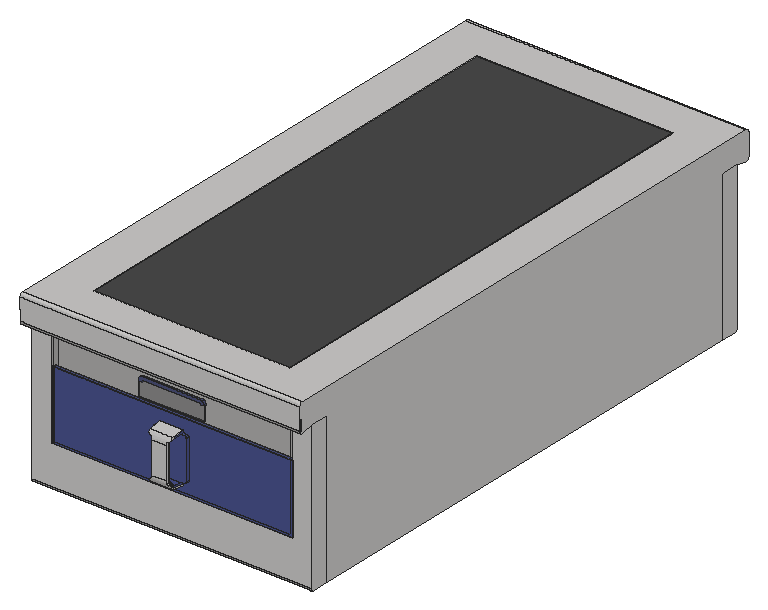
Revit family "QF_ELECTROLUXPROFESSIONAL_588014_MACBACDOAO", category Specialty Equipment, Revit 2018
Family settings
  Round Connector Dimension = Use Diameter
  Part Type = Normal
  Work Plane-Based = No
  Always vertical = Yes
  Cut with Voids When Loaded = No
  Shared = No
  Room Calculation Point = No
Parameters
  Weight in Pounds = 44.0925
  Watts = 8000 VA  # 8000 W
  Volts = 400 V  # constant formula
  URL Cutsheet = ""
  Type Mark [instance] = ""
  Status [instance] = ""
  Specification by User [instance] = ""
  Specification by Manufacturer = ""
  Serial Number = ""
  Seismic Rating = ""
  SMACNA No = ""
  Revision Code [instance] = ""
  Phase = 3  # constant formula
  Omniclass Number and Title = ""
  Number of Poles [instance] = 1
  NAFEM Spec ID Number = ""
  Model = "588014"
  Min Ckt Ampacity = 0 A
  Max Overcurrent Protection = 0 A
  Masterspec = ""
  Manufacturer = "ELECTROLUX"
  Item Number [instance] = ""
  Installed By [instance] = ""
  Identify Quantity as Lot [instance] = yes
  HP = "10.7 HP"
  Furnished By [instance] = ""
  Foodservice Equipment Identifier [instance] = yes
  FL Amps [instance] = if(Phase = 3, Watts / (Volts * 1.73), Watts / Volts)  # 11.5607 A
  Electrical Remarks = "400 V/3N ph/50/60 Hz"  # constant formula
  Electric Connection Type [instance] = ""
  Elec Conn RI Height [instance] = 0 mm
  Elec Conn Connection Height [instance] = 0 mm
  Direct Waste Size = 0"
  Description = "INFRARED TOP,2 ZONES,2-SIDE400X800X250H"
  Cycle [instance] = if([60 Hertz Option], 60 Hz, 50 Hz)  # 60 Hz
  Conn Plug = ""
  Conn Conduit = yes
  CSI MasterFormat = ""
  CSI Master Format = ""
  Apparent Power [instance] = if(Phase = 3, Volts * FL Amps * 1.73, Volts * FL Amps)  # 8000 VA
  60 Hertz Option [instance] = not([50 Hertz Option])  # yes
  500 Pass Though Panel = yes
  50 Hertz Option [instance] = no
Reference planes
  plane 1 "BACK": y = 0
  plane 2: z = 0
  plane 3 "LEFT": x = 0
  plane 4 "RIGHT": x = 400
  plane 5 "FRONT": y = -800
  plane 6 "TOP": z = 250
  plane 7: x = 200
  plane 8: y = -400
  plane 9: x = 355
Forms (mm)
  Extrusion 1, solid, material "QF_Finishes_Stainless Steel"
    sketch origin (0, -487.128, 0) x (0, 1, 0) y (0, 0, 1)
      loop
        line (483.128, 250) -> (-308.872, 250)
        arc (-308.872, 250) -> (-311.7, 248.828) -> (-312.872, 246) r 4
        line (-312.872, 246) -> (-312.872, 214)
        arc (-312.872, 214) -> (-311.443, 210.936) -> (-308.177, 210.061) r 4
        line (-308.177, 210.061) -> (-291.509, 213) -> (-266.872, 213) -> (-266.872, 0) -> (441.128, 0) -> (441.128, 213) -> (465.765, 213) -> (482.433, 210.061)
        arc (482.433, 210.061) -> (485.699, 210.936) -> (487.128, 214) r 4
        line (487.128, 214) -> (487.128, 246)
        arc (487.128, 246) -> (485.956, 248.828) -> (483.128, 250) r 4
    from 0 to 400
  Extrusion 2, void
    sketch origin (653.786, 44.048, 250) x (1, 0, 0) y (0, -1, 0)
      loop
        line (-593.786, 104.048) -> (-313.786, 104.048) -> (-313.786, 787.779) -> (-593.786, 787.779) -> (-593.786, 104.048)
    from 0 to 37
  Extrusion 3, solid, material "QF_Finishes_Stainless Steel"
    sketch origin (0, -754, 0) x (1, 0, 0) y (0, -1, 0)
      loop
        circle (355, -69) r 6.35
    from 0 to 3.2
  Extrusion 4, solid, material "QF_Finishes_Black"
    sketch origin (653.786, 44.048, 213) x (1, 0, 0) y (0, 1, 0)
      loop
        line (-593.786, -787.779) -> (-313.786, -787.779) -> (-313.786, -104.048) -> (-593.786, -104.048) -> (-593.786, -787.779)
    from 0 to 37
Cuts and joins
  Extrusion 2 cuts Extrusion 1
Lines and regions (mm)
  symbolic lines
    curve 1: line (0, 0, 0) -> (400, 0, 0)
    curve 2: line (0, -800, 0) -> (0, 0, 0)
    curve 3: line (400, -800, 0) -> (0, -800, 0)
    curve 4: line (400, 0, 0) -> (400, -800, 0)
    curve 5: line (340, -743.73, 0) -> (340, -60, 0)
    curve 6: line (340, -60, 0) -> (60, -60, 0)
    curve 7: line (60, -60, 0) -> (60, -743.73, 0)
    curve 8: line (60, -743.73, 0) -> (340, -743.73, 0)
    curve 9: line (183.892, -802.326, 0) -> (183.892, -800, 0)
    curve 10: spline (189.561, -803.73, 0) -> (189.082, -803.657, 0) -> (188.604, -803.575, 0) -> (188.127, -803.486, 0) -> (187.651, -803.389, 0) -> (187.177, -803.283, 0) -> (186.703, -803.17, 0) -> (186.231, -803.049, 0) -> (185.76, -802.92, 0) -> (185.29, -802.783, 0) -> (184.823, -802.638, 0) -> (184.357, -802.486, 0) -> (183.892, -802.326, 0)
    curve 11: line (216.108, -802.326, 0) -> (216.108, -800, 0)
    curve 12: spline (216.108, -802.326, 0) -> (215.643, -802.486, 0) -> (215.177, -802.638, 0) -> (214.71, -802.783, 0) -> (214.24, -802.92, 0) -> (213.769, -803.049, 0) -> (213.297, -803.17, 0) -> (212.823, -803.283, 0) -> (212.349, -803.389, 0) -> (211.873, -803.486, 0) -> (211.396, -803.575, 0) -> (210.918, -803.657, 0) -> (210.439, -803.73, 0)
    curve 13: line (189.561, -803.73, 0) -> (210.439, -803.73, 0)
    curve 14: line (183.892, 2.326, 0) -> (183.892, 0, 0)
    curve 15: spline (189.561, 3.73, 0) -> (189.082, 3.657, 0) -> (188.604, 3.575, 0) -> (188.127, 3.486, 0) -> (187.651, 3.389, 0) -> (187.177, 3.283, 0) -> (186.703, 3.17, 0) -> (186.231, 3.049, 0) -> (185.76, 2.92, 0) -> (185.29, 2.783, 0) -> (184.823, 2.638, 0) -> (184.357, 2.486, 0) -> (183.892, 2.326, 0)
    curve 16: line (216.108, 2.326, 0) -> (216.108, 0, 0)
    curve 17: spline (216.108, 2.326, 0) -> (215.643, 2.486, 0) -> (215.177, 2.638, 0) -> (214.71, 2.783, 0) -> (214.24, 2.92, 0) -> (213.769, 3.049, 0) -> (213.297, 3.17, 0) -> (212.823, 3.283, 0) -> (212.349, 3.389, 0) -> (211.873, 3.486, 0) -> (211.396, 3.575, 0) -> (210.918, 3.657, 0) -> (210.439, 3.73, 0)
    curve 18: line (189.561, 3.73, 0) -> (210.439, 3.73, 0)
Dimensions and locks
  plane 3 "LEFT" to plane 4 "RIGHT" = 400 mm
  plane 5 "FRONT" to plane 1 "BACK" = 800 mm
  equal spacing: plane 3 "LEFT", plane 7, plane 4 "RIGHT"
  equal spacing: plane 5 "FRONT", plane 8, plane 1 "BACK"
  plane 6 "TOP" to level = 250 mm  (x2)
  plane 1 "BACK" to plane 5 "FRONT" = 800 mm
  Extrusion 3 sketch curve to plane 1 "BACK" = 685 mm
  Extrusion 3 sketch curve to plane 4 "RIGHT" = 45 mm
  locked: plane 9 to plane 4 "RIGHT" at 45
  plane 1 "BACK" to Extrusion 3 = 685 mm
  aligned and locked: level to plane 2
  aligned and locked: cut or joined group of Extrusion 1, Extrusion 2 to plane 4 "RIGHT"
  aligned and locked: plane 7 to nested 1
Automatic sketch dimensions
  Extrusion 1 sketch curve to plane 5 "FRONT" = 0 mm
  Extrusion 1 sketch curve to plane 6 "TOP" = 0 mm
  Extrusion 1 sketch curve to level = 0 mm
  Extrusion 1 sketch curve to plane 1 "BACK" = 0 mm
  Extrusion 1 sketch curve to plane 6 "TOP" = 37 mm  (x2)
  Extrusion 1 sketch curve to plane 5 "FRONT" = 4 mm
  Extrusion 1 sketch curve to plane 5 "FRONT" = 21.363 mm
  Extrusion 1 sketch curve to plane 5 "FRONT" = 46 mm
  plane 1 "BACK" to Extrusion 1 sketch curve = 21.363 mm
  plane 1 "BACK" to Extrusion 1 sketch curve = 4 mm  (x2)
  Extrusion 1 sketch curve to Extrusion 1 sketch curve = 4 mm
  Extrusion 1 sketch curve to Extrusion 1 sketch curve = 0.695 mm
  Extrusion 1 sketch curve to Extrusion 1 sketch curve = 0 mm  (x4)
  plane 1 "BACK" to Extrusion 1 sketch curve = 4.695 mm
  Extrusion 1 sketch curve to Extrusion 1 sketch curve = 1 mm  (x2)
  plane 1 "BACK" to Extrusion 1 sketch curve = 46 mm
  Extrusion 1 to Extrusion 2 sketch curve = 60 mm  (x2)
  Extrusion 1 to Extrusion 2 sketch curve = 52.27 mm
  Extrusion 1 to Extrusion 2 sketch curve = 56 mm
  Extrusion 4 sketch curve to Extrusion 2 = 0 mm  (x3)
  Extrusion 2 to Extrusion 4 sketch curve = 0 mm
  curve 2 to plane 3 "LEFT" = 0 mm
  plane 1 "BACK" to curve 2 = 0 mm
  plane 3 "LEFT" to curve 7 = 60 mm
  curve 15 to plane 1 "BACK" = 2.326 mm
  curve 15 to plane 7 = 16.108 mm
  curve 9 to plane 7 = 16.108 mm
  curve 15 to plane 1 "BACK" = 3.73 mm
  curve 15 to curve 15 = 5.669 mm
  curve 13 to curve 9 = 5.669 mm
  curve 15 to curve 14 = 9.839 mm
  curve 10 to curve 10 = 4.17 mm
  curve 17 to plane 1 "BACK" = 4.032 mm
  curve 17 to curve 15 = 12.538 mm
  curve 12 to curve 10 = 12.538 mm
  curve 18 to curve 17 = 4.17 mm
  curve 12 to curve 12 = 4.17 mm
  curve 11 to curve 12 = 5.669 mm
  curve 16 to plane 1 "BACK" = 2.326 mm
  curve 16 to curve 17 = 5.669 mm
  plane 4 "RIGHT" to curve 5 = 60 mm
  curve 4 to curve 5 = 60 mm
  curve 15 to plane 1 "BACK" = 4.032 mm
  plane 1 "BACK" to curve 7 = 60 mm
  curve 5 to plane 5 "FRONT" = 56.27 mm
  curve 10 to curve 12 = 0 mm
  curve 12 to curve 11 = 39.101 mm
  curve 5 to curve 4 = 56.27 mm
  curve 11 to curve 12 = 2.326 mm
  curve 11 to curve 12 = 1.405 mm
  curve 9 to curve 13 = 1.405 mm
  radius of Extrusion 3 sketch curve = 6.35 mm
Nested families
  nested 1: "IDT_800_500 Panel Single Centered" at (200, -754, -651.71), visible <- "500 Pass Though Panel", type "IDT_800_500 Panel Single Centered"
  nested 2: "IDT_800_500 Panel Single Centered" at (200, -46, -651.71), visible <- "500 Pass Though Panel", type "IDT_800_500 Panel Single Centered"
Connectors
  electrical at (355, -685, -3.2), driven by "Volts", driven by "Watts"
    settings: on Extrusion 3, index 1, voltage 400 V, apparent load 8000 VA, apparent load phase1 0 VA, apparent load phase2 0 VA, apparent load phase3 0 VA, power factor 1, load classification "Other", number of poles 1, system type 30, power factor state 1, is connector primary yes, connector utility no, sub classification motor no, connector description "ELECTRICAL CONNECTION"
Definition of nested family "IDT_800_500 Panel Single Centered"
  Reference planes
    plane 1 "Center (Front/Back)": y = 0
    plane 2: z = 0
    plane 3 "Center (Left/Right)": x = 0
  Forms (mm)
    Extrusion 1, solid
      sketch origin (833.217, 829.203, -1.25) x (0, 1, 0) y (0, 0, 1)
        loop
          arc (-854.203, 655.96) -> (-853.324, 653.839) -> (-851.203, 652.96) r 3
          line (-851.203, 652.96) -> (-829.203, 652.96) -> (-829.203, 865.96) -> (-854.203, 865.96) -> (-854.203, 655.96)
      from -1033.217 to -633.217
    Extrusion 2, void
      sketch origin (33.217, 829.203, 0.636) x (1, 0, 0) y (0, 0, 1)
        loop
          line (-205.217, 852.364) -> (-205.217, 710.364) -> (138.783, 710.364) -> (138.783, 852.364) -> (-205.217, 852.364)
      from 843.409 to 854.203
  Cuts and joins
    Extrusion 2 cuts Extrusion 1
  Dimensions and locks
    cut or joined group of Extrusion 1, Extrusion 2 to cut or joined group of Extrusion 1, Extrusion 2 = 400 mm  (x2)
    equal spacing: cut or joined group of Extrusion 1, Extrusion 2, nested 1, cut or joined group of Extrusion 1, Extrusion 2
    cut or joined group of Extrusion 1, Extrusion 2 to cut or joined group of Extrusion 1, Extrusion 2 = 213 mm
    aligned and locked: cut or joined group of Extrusion 1, Extrusion 2 to nested 1
  Automatic sketch dimensions
    Extrusion 1 sketch curve to plane 1 "Center (Front/Back)" = 0 mm
    plane 1 "Center (Front/Back)" to Extrusion 1 sketch curve = 22 mm
    Extrusion 1 sketch curve to Extrusion 1 sketch curve = 3 mm
    level to Extrusion 1 sketch curve = 651.71 mm
    Extrusion 1 sketch curve to Extrusion 1 sketch curve = 210 mm
    Extrusion 2 sketch curve to plane 3 "Center (Left/Right)" = 172 mm
    plane 3 "Center (Left/Right)" to Extrusion 2 sketch curve = 172 mm
    level to Extrusion 2 sketch curve = 711 mm
    Extrusion 2 sketch curve to Extrusion 2 sketch curve = 142 mm
  Nested families
    nested 1: "glass conrol panel One Right Side" at (0, 279.791, 1.886), type "glass conrol panel One Right Side"
    nested 2: "Range Control Handle" at (0, -27.043, -209.113), type "Range Control Handle"
  Definition of nested family "glass conrol panel One Right Side"
    Reference planes
      plane 1 "Center (Front/Back)": y = 0
      plane 2: z = 0
      plane 3 "Center (Left/Right)": x = 0
    Forms (mm)
      Extrusion 1, solid
        sketch origin (378.286, 0, 0.617) x (1, 0, 0) y (0, 0, 1)
          loop
            line (-550.286, 806.791) -> (-550.286, 708.497) -> (-206.286, 708.497) -> (-206.286, 806.791) -> (-550.286, 806.791)
        from 300.031 to 304.8
      Extrusion 2, solid
        sketch origin (378.286, 0, 0.617) x (1, 0, 0) y (0, 0, 1)
          loop
            line (-550.286, 850.497) -> (-550.286, 806.791) -> (-206.286, 806.791) -> (-206.286, 850.497) -> (-550.286, 850.497)
        from 300.031 to 304.8
      Extrusion 3, solid
        sketch origin (308.333, 1.101, -0.633) x (1, 0, 0) y (0, 0, 1)
          loop
            line (-261.431, 812.62) -> (-261.431, 834.177) -> (-266.24, 834.177) -> (-268.039, 835.977) -> (-348.469, 835.977) -> (-350.269, 834.177) -> (-355.186, 834.177) -> (-355.186, 812.62) -> (-261.431, 812.62)
        from 304.798 to 306.745
      Extrusion 4, solid
        sketch origin (308.333, 1.101, -0.633) x (1, 0, 0) y (0, 0, 1)
          loop
            line (-350.269, 834.177) -> (-348.469, 835.977) -> (-268.039, 835.977) -> (-266.24, 834.177) -> (-261.529, 834.177)
            arc (-261.529, 834.177) -> (-262.706, 838.752) -> (-266.98, 840.763) r 5.549
            line (-266.98, 840.763) -> (-349.686, 840.763)
            arc (-349.686, 840.763) -> (-353.942, 838.747) -> (-355.078, 834.177) r 5.5
            line (-355.078, 834.177) -> (-350.269, 834.177)
        from 304.798 to 306.745
      Extrusion 5, void
        sketch origin (378.286, 0, 0.617) x (1, 0, 0) y (0, 0, 1)
          loop
            line (-547.628, 847.565) -> (-547.628, 710.699) -> (-209.196, 710.699) -> (-209.196, 847.565) -> (-547.628, 847.565)
        from 303.697 to 304.8
    Cuts and joins
      Extrusion 5 cuts Extrusion 2
      Extrusion 5 cuts Extrusion 1
    Dimensions and locks
      aligned and locked: Extrusion 1 to Extrusion 2
      aligned and locked: Extrusion 4 sketch curve to Extrusion 3  (x4)
      aligned and locked: Extrusion 3 to Extrusion 4 sketch curve
      aligned and locked: Extrusion 4 to Extrusion 3
  Definition of nested family "Range Control Handle"
    Reference planes
      plane 1 "Center (Front/Back)": y = 0
      plane 2: z = 0
      plane 3 "Center (Left/Right)": x = 0
      plane 4: z = 971.092
    Forms (mm)
      Extrusion 1, solid
        sketch origin (-746.28, 380.497, 208.931) x (-1, 0, 0) y (0, 0, 1)
          loop
            line (-770.101, 786.798) -> (-770.101, 731.649)
            arc (-770.101, 731.649) -> (-769.759, 730.563) -> (-768.855, 729.87) r 1.893
            line (-768.855, 729.87) -> (-763.474, 727.911) -> (-729.81, 727.911) -> (-724.428, 729.87)
            arc (-724.428, 729.87) -> (-723.525, 730.563) -> (-723.183, 731.649) r 1.893
            line (-723.183, 731.649) -> (-723.183, 786.798)
            arc (-723.183, 786.798) -> (-723.529, 787.894) -> (-724.44, 788.593) r 1.91
            line (-724.44, 788.593) -> (-729.683, 790.819) -> (-763.601, 790.819) -> (-768.844, 788.593)
            arc (-768.844, 788.593) -> (-769.755, 787.894) -> (-770.101, 786.798) r 1.91
        from -382.35 to -378.852
      Sweep 2, solid
        path origin (-746.788, 380.496, 208.091) x (0, -1, 0) y (0, 0, 1)
          loop
            line (379.775, 793.281) -> (395.661, 791.048)
            arc (395.661, 791.048) -> (397.781, 787.377) -> (398.517, 783.202) r 12.207
            line (398.517, 783.202) -> (398.517, 737.368)
            arc (398.517, 737.368) -> (397.781, 733.193) -> (395.661, 729.522) r 12.207
            line (395.661, 729.522) -> (379.775, 727.289)
        profile origin (-746.788, -7.222, 1000.256) x (0, -0.139173, 0.990268) y (-1, 0, 0)
          loop
            line (0.782, -763.123) -> (0.782, -730.907) -> (-1.322, -730.907) -> (-1.322, -763.123) -> (0.782, -763.123)
      Sweep 3, solid
        path origin (-746.788, 380.715, 207.832) x (0, -1, 0) y (0, 0, 1)
          loop
            line (380.478, 795.442) -> (397.218, 793.09)
            arc (397.218, 793.09) -> (399.929, 788.473) -> (400.871, 783.202) r 15.207
            line (400.871, 783.202) -> (400.871, 737.584)
            arc (400.871, 737.584) -> (399.914, 732.274) -> (397.164, 727.633) r 15.207
            line (397.164, 727.633) -> (380.601, 725.305)
        profile origin (-746.788, -8.132, 1002.099) x (0, -0.139173, 0.990268) y (-1, 0, 0)
          loop
            line (0.782, -763.123) -> (0.782, -730.907) -> (-1.322, -730.907) -> (-1.322, -763.123) -> (0.782, -763.123)
      Extrusion 4, void
        sketch origin (889.253, 220.666, 207.993) x (1, 0, 0) y (0, 0, 1)
          loop
            line (-943.038, 816.854) -> (-943.038, 703.686) -> (-899.466, 734.196) -> (-899.466, 786.344) -> (-943.038, 816.854)
        from 230.636 to 242.25
      Extrusion 5, void
        sketch origin (-888.8, 220.666, 207.993) x (-1, 0, 0) y (0, 0, -1)
          loop
            line (-943.038, -816.854) -> (-899.466, -786.344) -> (-899.466, -734.196) -> (-943.038, -703.686) -> (-943.038, -816.854)
        from 230.636 to 242.25
      Extrusion 6, solid
        sketch origin (0, 0, 0) x (1, 0, 0) y (0, 0, 1)
          loop
            circle (0, 971.092) r 7.736
        from -3.137 to -1.645
    Cuts and joins
      Extrusion 4, Extrusion 5 cuts Sweep 3
      Extrusion 4, Extrusion 5 cuts Sweep 2
      joined: Extrusion 1, Extrusion 6
    Lines and regions (mm)
      symbolic lines
        curve 1: line (23.821, 1.645, 0) -> (-23.097, 1.645, 0)
        curve 2: line (16.334, -1.853, 0) -> (23.821, -1.853, 0)
        curve 3: line (-15.881, -19.189, 0) -> (-15.881, -1.853, 0)
        curve 4: line (-23.097, -1.853, 0) -> (-15.881, -1.853, 0)
        curve 5: line (16.334, -19.189, 0) -> (16.334, -1.853, 0)
        curve 6: spline (-15.881, -19.189, 0) -> (-15.417, -19.349, 0) -> (-14.951, -19.501, 0) -> (-14.483, -19.646, 0) -> (-14.014, -19.783, 0) -> (-13.543, -19.912, 0) -> (-13.071, -20.033, 0) -> (-12.597, -20.146, 0) -> (-12.122, -20.251, 0) -> (-11.646, -20.349, 0) -> (-11.169, -20.438, 0) -> (-10.691, -20.52, 0) -> (-10.213, -20.593, 0)
        curve 7: spline (10.666, -20.593, 0) -> (11.144, -20.52, 0) -> (11.622, -20.438, 0) -> (12.099, -20.349, 0) -> (12.575, -20.251, 0) -> (13.05, -20.146, 0) -> (13.524, -20.033, 0) -> (13.996, -19.912, 0) -> (14.467, -19.783, 0) -> (14.936, -19.646, 0) -> (15.404, -19.501, 0) -> (15.87, -19.349, 0) -> (16.334, -19.189, 0)
        curve 8: line (-10.213, -20.938, 0) -> (10.716, -20.938, 0)
        curve 9: line (-23.097, 1.645, 0) -> (-23.097, -1.853, 0)
        curve 10: line (23.821, 1.645, 0) -> (23.821, -1.853, 0)
